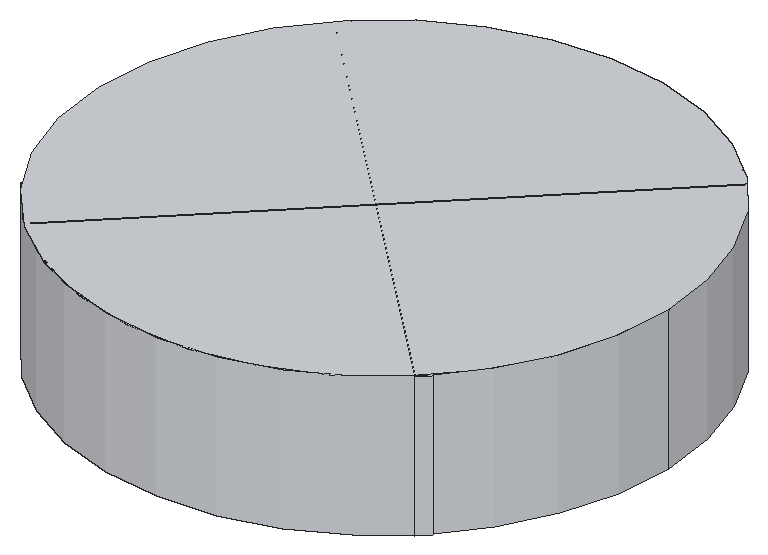
Revit family "電線管用ファミリ(片側のみ)_9", category Electrical Fixtures, Revit 2022
Family settings
  Round Connector Dimension = Use Diameter
  Part Type = Normal
  OmniClass Number = 23.80.00.00
  OmniClass Title = Electric Power and Lighting
  Work Plane-Based = No
  Always vertical = Yes
  Cut with Voids When Loaded = No
  Maintain Annotation Orientation = No
  Shared = No
  Room Calculation Point = No
Parameters
  コネクタ直径 [instance] = 16 mm
  W [instance] = 200 mm
  Default Elevation = 0 mm
  D [instance] = 200 mm
Reference planes
  plane 1 "Center (Front/Back)": y = 0
  plane 2: z = 0
  plane 3 "Center (Left/Right)": x = 0
  plane 4: x = -100
  plane 5: x = 100
  plane 6: y = 100
  plane 7: y = -100
  plane 8: z = 33.685
  plane 9: z = 50
Forms (mm)
  Extrusion 1, solid
    sketch origin (0, 0, 0) x (1, 0, 0) y (0, 1, 0)
      loop
        circle (0, 0) r 100
    from 0 to 50
  Extrusion 2, solid
    sketch origin (3.734, 4.202, 0) x (1, 0, 0) y (0, 1, 0)
      loop
        line (-76.204, -70.122) -> (-70.594, -75.732) -> (68.984, 63.846) -> (63.374, 69.456) -> (-76.204, -70.122)
    from 0 to 50
  Extrusion 3, solid
    sketch origin (2.445, 2.19, 0) x (1, 0, 0) y (0, 1, 0)
      loop
        line (-75.043, 66.369) -> (66.507, -75.18) -> (70.043, -71.645) -> (-71.507, 69.905) -> (-75.043, 66.369)
    from 0 to 50
Dimensions and locks
  equal spacing: plane 4, plane 3 "Center (Left/Right)", plane 5
  "W": plane 4 to plane 5
  equal spacing: plane 6, plane 1 "Center (Front/Back)", plane 7
  "D": plane 6 to plane 7
  aligned and locked: level to plane 2
  aligned and locked: plane 9 to Extrusion 1
  aligned and locked: Extrusion 1 to Extrusion 3
Automatic sketch dimensions
  plane 1 "Center (Front/Back)" to Extrusion 1 sketch curve = 0 mm
  Extrusion 1 sketch curve to plane 3 "Center (Left/Right)" = 0 mm
  plane 4 to Extrusion 2 sketch curve = 27.531 mm
  Extrusion 2 sketch curve to Extrusion 2 sketch curve = 5.61 mm  (x2)
  Extrusion 2 sketch curve to plane 5 = 32.892 mm
  plane 7 to Extrusion 2 sketch curve = 28.471 mm
  Extrusion 3 sketch curve to plane 5 = 31.048 mm
  plane 7 to Extrusion 3 sketch curve = 27.01 mm
  Extrusion 3 sketch curve to Extrusion 3 sketch curve = 3.536 mm  (x2)
  plane 4 to Extrusion 3 sketch curve = 30.938 mm
  radius of Extrusion 1 sketch curve = 100 mm
Connectors
  cabletrayconduit at (0, 0, 50), diameter 16
    settings: on Extrusion 1, index 1, connector width 300 mm, connector height 300 mm, connector angle 0.00°, system type 32, placement type 0, profile type 0, connector reference index -1, is primary connector yes, connector utility param no, connector description ""
